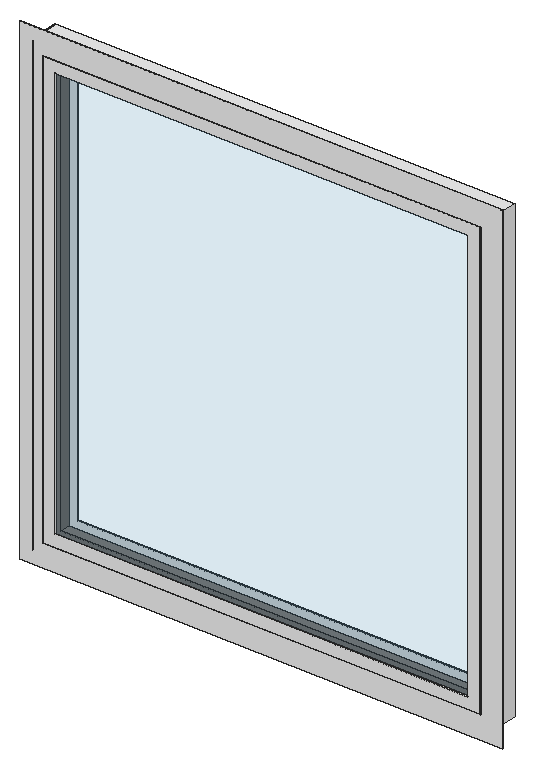
Revit family "Casement_30.5_I_Top_Hung_Standard", category Windows, host Wall, Revit 2014
Parameters (values of type "Casement_Sash_DG")
  Width Sash [instance] = 30 mm
  Width Sash Inner = 15 mm
  Width Bead = 15 mm
  Top Hung [instance] = yes
  Side Hung Right [instance] = yes
  Side Hung Left [instance] = yes
  Sash Opening Width [instance] = 600 mm
  Sash Opening Height [instance] = 600.312 mm
  Sash Lip = 15 mm
  Glazing Material [instance] = Glass
  DG Start Piece 2 [instance] = DG End Piece 1 + DG Gasket Thickness  # 25 mm
  DG Start Peice 1 [instance] = (Depth Sash - (2 * DG Glazing Thickness) - DG Gasket Thickness) / 2  # 6.6 mm
  Glazing Offset = 5 mm
  DG Glazing Thickness [instance] = 6.4 mm
  DG Gasket Thickness = 12 mm  # constant formula
  DG Gasket Material [instance] = Double Glazing Gasket Material
  DG End Piece 2 [instance] = DG Start Piece 2 + DG Glazing Thickness  # 31.4 mm
  DG End Piece 1 [instance] = DG Start Peice 1 + DG Glazing Thickness  # 13 mm
  Depth Sash [instance] = 38 mm
  Center Vertical Sash [instance] = Sash Opening Height / 2  # 300.156 mm
  Center Horizontal Sash [instance] = Sash Opening Width / 2  # 300 mm
  Bottom Hung [instance] = yes
  Bead Offset = 15 mm
  Aluminium Thickness = 1 mm
  Aluminium Material [instance] = White Powder Coated Aluminium
Reference planes
  plane 1 "Center (Front/Back)": y = 0
  plane 2: z = 0
  plane 3 "Center (Left/Right)": x = 0
Forms (mm)
  Sweep 1, solid, material "White Powder Coated Aluminium" <- "Aluminium Material"
    path origin (16.177, 0, 121.331) x (1, 0, 0) y (0, 0, 1)
      loop
        line (0, 0) -> (600, 0) -> (600, 600.312) -> (0, 600.312) -> (0, 0)
    profile origin (316.177, 0, 121.331) x (0, 0, 1) y (0, -1, 0)
      loop
        line (0, 0) -> (30, 0) -> (30, 1) -> (15, 1) -> (15, 38) -> (-15, 38) -> (-15, 37) -> (0, 37) -> (0, 0)
      loop
        line (14, 1) -> (14, 37) -> (1, 37) -> (1, 1) -> (14, 1)
  Sweep 2, solid, material "White Powder Coated Aluminium" <- "Aluminium Material"
    path origin (0, 0, 0) x (1, 0, 0) y (0, 0, 1)
      loop
        line (31.177, 706.643) -> (31.177, 136.331) -> (601.177, 136.331) -> (601.177, 706.643) -> (31.177, 706.643)
    profile origin (316.177, 0, 706.643) x (0, 0, 1) y (0, -1, 0)
      loop
        line (0, 37) -> (0, 38) -> (-15, 38) -> (-15, 37) -> (0, 37)
  Extrusion 3, solid, material "Glass" <- "Glazing Material"
    sketch origin (0, 0, 0) x (1, 0, 0) y (0, 0, 1)
      loop
        line (36.177, 701.643) -> (36.177, 141.331) -> (596.177, 141.331) -> (596.177, 701.643) -> (36.177, 701.643)
    from 6.6 <- "DG Start Peice 1" to 13 <- "DG End Piece 1"
  Extrusion 4, solid, material "Glass" <- "Glazing Material"
    sketch origin (0, 0, 0) x (1, 0, 0) y (0, 0, 1)
      loop
        line (36.177, 701.643) -> (36.177, 141.331) -> (596.177, 141.331) -> (596.177, 701.643) -> (36.177, 701.643)
    from 31.4 <- "DG End Piece 2" to 25 <- "DG Start Piece 2"
  Sweep 5, solid, material "Double Glazing Gasket Material" <- "DG Gasket Material"
    path origin (0, -13, 0) x (1, 0, 0) y (0, 0, 1)
      loop
        line (36.177, 701.643) -> (36.177, 141.331) -> (596.177, 141.331) -> (596.177, 701.643) -> (36.177, 701.643)
    profile origin (316.177, -13, 701.643) x (0, 0, 1) y (0, -1, 0)
      loop
        line (0, 0) -> (0, 12) -> (-7.96, 12) -> (-7.96, 0) -> (0, 0)
Lines and regions (mm)
  model lines
    curve 1: line (1.177, -38, 736.643) -> (31.177, -38, 706.643)
    curve 2: line (601.177, -38, 706.643) -> (631.177, -38, 736.643)
    curve 3: line (601.177, -38, 136.331) -> (631.177, -38, 106.331)
    curve 4: line (1.177, -38, 106.331) -> (31.177, -38, 136.331)
    curve 5: line (631.177, -37, 736.643) -> (616.177, -37, 721.643)
    curve 6: line (1.177, -37, 736.643) -> (16.177, -37, 721.643)
    curve 7: line (1.177, -37, 106.331) -> (16.177, -37, 121.331)
    curve 8: line (631.177, -37, 106.331) -> (616.177, -37, 121.331)
    curve 9: line (616.177, 0, 121.331) -> (586.177, 0, 151.331)
    curve 10: line (46.177, 0, 151.331) -> (16.177, 0, 121.331)
    curve 11: line (616.177, 0, 721.643) -> (586.177, 0, 691.643)
    curve 12: line (46.177, 0, 691.643) -> (16.177, 0, 721.643)
    curve 13: line (31.177, -38, 691.643) -> (46.177, -38, 691.643)
    curve 14: line (586.177, -38, 691.643) -> (601.177, -38, 691.643)
    curve 15: line (586.177, -38, 151.331) -> (601.177, -38, 151.331)
    curve 16: line (31.177, -38, 151.331) -> (46.177, -38, 151.331)
  model lines, style "GenericModelHiddenLines", visible <- "Top Hung"
    curve 17: line (46.386, -31.4, 690.914) -> (316.177, -31.4, 151.331)
    curve 18: line (316.177, -31.4, 151.331) -> (586.177, -31.4, 691.331)
  model lines, style "GenericModelHiddenLines", visible <- "Bottom Hung"
    curve 19: line (46.177, -31.4, 151.331) -> (316.177, -31.4, 691.331)
    curve 20: line (316.177, -31.4, 691.331) -> (586.177, -31.4, 151.331)
  model lines, style "GenericModelHiddenLines", visible <- "Side Hung Left"
    curve 21: line (46.386, -31.4, 690.914) -> (585.24, -31.4, 421.487)
    curve 22: line (585.24, -31.4, 421.487) -> (46.177, -31.4, 151.331)
  model lines, style "GenericModelHiddenLines", visible <- "Side Hung Right"
    curve 23: line (586.177, -31.4, 691.331) -> (46.177, -31.4, 421.487)
    curve 24: line (46.177, -31.4, 421.487) -> (586.177, -31.4, 151.331)
Dimensions and locks
  "Aluminium Thickness": Sweep 1 sketch curve to Sweep 1 sketch curve  (x4)
  "Depth Sash": Sweep 1 sketch curve to Sweep 1 sketch curve
  "Sash Opening Width": Sweep 1 to Sweep 1
  "Sash Opening Height": Sweep 1 to Sweep 1
  "Width Sash": Sweep 1 sketch curve to Sweep 1 sketch curve  (x2)
  "Width Sash Inner": Sweep 1 sketch curve to Sweep 1 sketch curve
  "Sash Lip": Sweep 1 sketch curve to Sweep 1 sketch curve
  "Aluminium Thickness": Sweep 1 to Sweep 2 sketch curve
  "Glazing Offset": Sweep 2 to Extrusion 3 sketch curve  (x3)
  "Glazing Offset": Extrusion 3 sketch curve to Sweep 2
  Sweep 1 to Sweep 1 = 1 mm
  "Aluminium Thickness": Sweep 2 sketch curve to Sweep 2 sketch curve
  "Width Bead": Sweep 2 sketch curve to Sweep 2 sketch curve
  locked: Sweep 5 sketch curve to Sweep 5 sketch curve at 7.96
  "Center Horizontal Sash": Sweep 1 to curve 18
  "Center Horizontal Sash": Sweep 1 to curve 20
  "Center Vertical Sash": Sweep 1 to curve 22
  "Center Vertical Sash": Sweep 1 to curve 24
  aligned and locked: level to plane 2
  aligned and locked: Sweep 1 sketch curve to Sweep 1 sketch curve  (x2)
  aligned and locked: Sweep 2 sketch curve to Sweep 1  (x5)
  aligned and locked: Extrusion 4 sketch curve to Extrusion 3  (x4)
  aligned and locked: Sweep 5 sketch curve to Extrusion 3  (x5)
  aligned and locked: Extrusion 3 to Sweep 5 sketch curve
Automatic sketch dimensions
  plane 3 "Center (Left/Right)" to Sweep 1 sketch curve = 16.177 mm
  level to Sweep 1 sketch curve = 121.331 mm
  plane 3 "Center (Left/Right)" to Sweep 1 sketch curve = 616.177 mm
  level to Sweep 1 sketch curve = 721.643 mm
  profile plane to Sweep 5 sketch curve = 12 mm
  curve 7 to Sweep 1 = 0 mm  (x4)
  curve 6 to Sweep 1 = 0 mm  (x3)
  Sweep 1 to curve 6 = 0 mm
  curve 5 to Sweep 1 = 0 mm  (x3)
  curve 8 to Sweep 1 = 0 mm  (x4)
  Sweep 1 to curve 5 = 0 mm
  curve 16 to Sweep 2 = 0 mm  (x3)
  curve 13 to Sweep 2 = 0 mm  (x3)
  curve 15 to Sweep 2 = 0 mm
  Sweep 2 to curve 15 = 0 mm  (x2)
  curve 14 to Sweep 2 = 0 mm  (x2)
  Sweep 2 to curve 14 = 0 mm
  curve 1 to Sweep 1 = 0 mm  (x4)
  curve 4 to Sweep 1 = 0 mm  (x3)
  Sweep 1 to curve 4 = 0 mm
  curve 3 to Sweep 1 = 0 mm  (x3)
  curve 2 to Sweep 1 = 0 mm  (x4)
  Sweep 1 to curve 3 = 0 mm
  curve 10 to Sweep 1 = 0 mm  (x4)
  curve 12 to Sweep 1 = 0 mm  (x3)
  Sweep 1 to curve 12 = 0 mm
  curve 9 to Sweep 1 = 0 mm  (x4)
  curve 11 to Sweep 1 = 0 mm  (x3)
  Sweep 1 to curve 11 = 0 mm
  Sweep 1 sketch curve to plane 1 "Center (Front/Back)" = 0 mm
  profile plane to Sweep 1 sketch curve = 0 mm
  curve 21 to Extrusion 4 = 10.208 mm
  curve 19 to Extrusion 4 = 10 mm
  curve 23 to Extrusion 4 = 10 mm  (x2)
  curve 22 to Extrusion 4 = 10.937 mm
  curve 20 to Extrusion 4 = 10 mm
  curve 24 to Extrusion 4 = 10 mm
  curve 22 to Extrusion 4 = 10 mm
  curve 18 to Extrusion 4 = 10 mm
  curve 21 to Extrusion 4 = 10.729 mm
  curve 19 to Extrusion 4 = 10.312 mm
  curve 18 to Extrusion 4 = 10.312 mm
Types in the file's own list only (20): name | Windload Design | Width Sash Opening | Width Sash 2 | Width Sash 1 | Width Profile | Width Panel 4 | Width Panel 3 | Width Panel 2 | Width Panel 1 | Width | URL | Max System DG Unit Thickness | Max System DG One Piece Thickness | Max Pane Area | Limit Sash Bottom Height Max Calc | Limit Sash Bottom Height Max Based On Top Sash | Intruderprufe U Value | Intruderprufe SHGC Value | Intruderprufe LowE U Value | Intruderprufe LowE SHGC Value | Height | Energy Advantage U Value | Energy Advantage SHGC Value | DG Thickness Calc | DG Thickness | Custom Window Width | Custom Window Height | Custom Windload | Custom Sash Width | Custom Sash Bottom Height | Custom Sash Top Height | Sash Spacing Inner | Sash Overlap | Sash Center Offset | SG Gasket Thickness | Offset Window Exterior | Offset Sash Left | Offset Sash 2 Top | Offset Sash 1 Top | Offset Panel 4 Left | Offset Panel 3 Bead Top | Offset Mullion Left | Offset Transom 2 Top | Offset Transom 1 Top | Offset Bead SG Center Reversed | Model | Manufacturer | Limit Window Width Min | Limit Window Width Max | Limit Window Height Min | Limit Window Height Max | Limit Sash Width Min | Limit Sash Width Max | Limit Sash Bottom Height Min | Limit Sash Bottom Height Max | Limit Sash Top Height Min | Limit Sash Top Height Max | Limit Fixed Pane Width Min | Limit Fixed Pane Width Max | Limit Fixed Pane Height Min | Limit Fixed Pane Height Max | Length Transom | Length Mullion | Height Sash Bottom Opening | Height Sash Bottom | Height Sash Top Opening | Height Sash Top | Height Panel 4 | Height Panel 3 | Height Panel 2 | Height Panel 1 | Double Glazing | Description | Depth Mullion | Frame Center Offset | Depth Bead | Default Sill Height | Wall Closure | DG Gasket Finish | DG Extrusion Start | Mullion Depth Windload Based | Window Exterior Offset | Clearvue U Value | Clearvue SHGC Value | Casement Dimension | Bottom Hung | Bead SG Gap | Area Pane Right | Area Pane Left Top | Area Pane Left Middle | Area Pane Left Bottom
  305-1215DT-1000Pa | 1000 mm | 554 mm | 524 mm | 524 mm | 30 mm | 560 mm | 540 mm | 540 mm | 540 mm | 1190 mm | "http://www.crealco.co.za/crealco-products.php" | 18 mm | 3 mm | 0.78 m² | 644 mm | 644 mm | 8.66 | 0.831 | 6.64 | 0.738 | 1490 mm | 6.8 | 0.782 | 3 mm | 3 mm | 1190 mm | 1490 mm | 1000 mm | 554 mm | 554 mm | 554 mm | 8 mm | 7 mm | 12 mm | 6 mm | 15 mm | 23 mm | 593 mm | 23 mm | 600 mm | 1170 mm | 570 mm | 1140 mm | 570 mm | 15 mm | "Casement 30.5" | "Crealco" | 830 mm | 2130 mm | 1400 mm | 1860 mm | 300 mm | 1000 mm | 300 mm | 644 mm | 300 mm | 750 mm | 200 mm | 1500 mm | 200 mm | 1800 mm | 540 mm | 1490 mm | 554 mm | 524 mm | 554 mm | 524 mm | 1430 mm | 290 mm | 540 mm | 540 mm | No | "Window 30.5mm, Type I top hung" | 54 mm | 15 mm | 17 mm | 800 mm | By host | Double Glazing Gasket Material | 5 mm | 54 mm | 0 mm | 8.87 | 0.873 | 31 mm | No | 13 mm | 0.78 m² | 0.23 m² | 0.23 m² | 0.15 m²
  305-1215DT-2000Pa | 2000 mm | 554 mm | 524 mm | 524 mm | 30 mm | 560 mm | 540 mm | 540 mm | 540 mm | 1190 mm | "http://www.crealco.co.za/crealco-products.php" | 18 mm | 3 mm | 0.78 m² | 644 mm | 644 mm | 8.73 | 0.833 | 6.72 | 0.74 | 1490 mm | 6.88 | 0.784 | 3 mm | 3 mm | 1190 mm | 1490 mm | 2000 mm | 554 mm | 554 mm | 554 mm | 8 mm | 7 mm | 12 mm | 6 mm | 15 mm | 23 mm | 593 mm | 23 mm | 600 mm | 1170 mm | 570 mm | 1140 mm | 570 mm | 15 mm | "Casement 30.5" | "Crealco" | 830 mm | 2130 mm | 1400 mm | 1860 mm | 300 mm | 1000 mm | 300 mm | 644 mm | 300 mm | 750 mm | 200 mm | 1500 mm | 200 mm | 1800 mm | 540 mm | 1490 mm | 554 mm | 524 mm | 554 mm | 524 mm | 1430 mm | 290 mm | 540 mm | 540 mm | No | "Window 30.5mm, Type I top hung" | 70 mm | 15 mm | 17 mm | 800 mm | By host | Double Glazing Gasket Material | 5 mm | 70 mm | 0 mm | 8.89 | 0.875 | 31 mm | No | 13 mm | 0.78 m² | 0.23 m² | 0.23 m² | 0.15 m²
  305-1515DT-1000Pa | 1000 mm | 554 mm | 524 mm | 524 mm | 30 mm | 860 mm | 540 mm | 540 mm | 540 mm | 1490 mm | "http://www.crealco.co.za/crealco-products.php" | 18 mm | 3 mm | 1.21 m² | 644 mm | 644 mm | 9.41 | 0.965 | 7.02 | 0.855 | 1490 mm | 7.18 | 0.909 | 4 mm | 3 mm | 1490 mm | 1490 mm | 1000 mm | 554 mm | 554 mm | 554 mm | 8 mm | 7 mm | 12 mm | 6 mm | 15 mm | 23 mm | 593 mm | 23 mm | 600 mm | 1170 mm | 570 mm | 1140 mm | 570 mm | 15 mm | "Casement 30.5" | "Crealco" | 830 mm | 2130 mm | 1400 mm | 1860 mm | 300 mm | 1000 mm | 300 mm | 644 mm | 300 mm | 750 mm | 200 mm | 1500 mm | 200 mm | 1800 mm | 540 mm | 1490 mm | 554 mm | 524 mm | 554 mm | 524 mm | 1430 mm | 290 mm | 540 mm | 540 mm | No | "Window 30.5mm, Type I top hung" | 54 mm | 15 mm | 17 mm | 800 mm | By host | Double Glazing Gasket Material | 5 mm | 54 mm | 0 mm | 9.63 | 10.15 | 31 mm | No | 13 mm | 1.21 m² | 0.23 m² | 0.23 m² | 0.15 m²
  305-1515DT-2000Pa | 2000 mm | 554 mm | 524 mm | 524 mm | 30 mm | 860 mm | 540 mm | 540 mm | 540 mm | 1490 mm | "http://www.crealco.co.za/crealco-products.php" | 18 mm | 3 mm | 1.21 m² | 644 mm | 644 mm | 9.47 | 0.967 | 7.09 | 0.856 | 1490 mm | 7.25 | 0.91 | 4 mm | 3 mm | 1490 mm | 1490 mm | 2000 mm | 554 mm | 554 mm | 554 mm | 8 mm | 7 mm | 12 mm | 6 mm | 15 mm | 23 mm | 593 mm | 23 mm | 600 mm | 1170 mm | 570 mm | 1140 mm | 570 mm | 15 mm | "Casement 30.5" | "Crealco" | 830 mm | 2130 mm | 1400 mm | 1860 mm | 300 mm | 1000 mm | 300 mm | 644 mm | 300 mm | 750 mm | 200 mm | 1500 mm | 200 mm | 1800 mm | 540 mm | 1490 mm | 554 mm | 524 mm | 554 mm | 524 mm | 1430 mm | 290 mm | 540 mm | 540 mm | No | "Window 30.5mm, Type I top hung" | 70 mm | 15 mm | 17 mm | 800 mm | By host | Double Glazing Gasket Material | 5 mm | 70 mm | 0 mm | 9.68 | 1.016 | 31 mm | No | 13 mm | 1.21 m² | 0.23 m² | 0.23 m² | 0.15 m²
  305-1815DT-1000Pa | 1000 mm | 854 mm | 824 mm | 824 mm | 30 mm | 860 mm | 840 mm | 840 mm | 840 mm | 1790 mm | "http://www.crealco.co.za/crealco-products.php" | 18 mm | 3 mm | 1.21 m² | 644 mm | 644 mm | 8.57 | 0.887 | 6.37 | 0.785 | 1490 mm | 6.52 | 0.835 | 4 mm | 3 mm | 1790 mm | 1490 mm | 1000 mm | 854 mm | 554 mm | 554 mm | 8 mm | 7 mm | 12 mm | 6 mm | 15 mm | 23 mm | 593 mm | 23 mm | 900 mm | 1170 mm | 870 mm | 1140 mm | 570 mm | 15 mm | "Casement 30.5" | "Crealco" | 1130 mm | 2430 mm | 1400 mm | 1860 mm | 300 mm | 1000 mm | 300 mm | 644 mm | 300 mm | 750 mm | 200 mm | 1500 mm | 200 mm | 1800 mm | 840 mm | 1490 mm | 554 mm | 524 mm | 554 mm | 524 mm | 1430 mm | 290 mm | 540 mm | 540 mm | No | "Window 30.5mm, Type I top hung" | 54 mm | 15 mm | 17 mm | 800 mm | By host | Double Glazing Gasket Material | 5 mm | 54 mm | 0 mm | 8.77 | 0.993 | 31 mm | No | 13 mm | 1.21 m² | 0.38 m² | 0.38 m² | 0.23 m²
  305-1815DT-1500Pa | 1500 mm | 854 mm | 824 mm | 824 mm | 30 mm | 860 mm | 840 mm | 840 mm | 840 mm | 1790 mm | "http://www.crealco.co.za/crealco-products.php" | 18 mm | 3 mm | 1.21 m² | 644 mm | 644 mm | 8.16 | 0.888 | 6.43 | 0.786 | 1490 mm | 6.57 | 0.836 | 4 mm | 3 mm | 1790 mm | 1490 mm | 1500 mm | 854 mm | 554 mm | 554 mm | 8 mm | 7 mm | 12 mm | 6 mm | 15 mm | 23 mm | 593 mm | 23 mm | 900 mm | 1170 mm | 870 mm | 1140 mm | 570 mm | 15 mm | "Casement 30.5" | "Crealco" | 1130 mm | 2430 mm | 1400 mm | 1860 mm | 300 mm | 1000 mm | 300 mm | 644 mm | 300 mm | 750 mm | 200 mm | 1500 mm | 200 mm | 1800 mm | 840 mm | 1490 mm | 554 mm | 524 mm | 554 mm | 524 mm | 1430 mm | 290 mm | 540 mm | 540 mm | No | "Window 30.5mm, Type I top hung" | 70 mm | 15 mm | 17 mm | 800 mm | By host | Double Glazing Gasket Material | 5 mm | 70 mm | 0 mm | 8.81 | 0.934 | 31 mm | No | 13 mm | 1.21 m² | 0.38 m² | 0.38 m² | 0.23 m²
  305-2415DT-1000Pa | 1000 mm | 854 mm | 824 mm | 824 mm | 30 mm | 1460 mm | 840 mm | 840 mm | 840 mm | 2390 mm | "http://www.crealco.co.za/crealco-products.php" | 18 mm | 3 mm | 2.06 m² | 644 mm | 644 mm | 9.54 | 1.05 | 6.9 | 0.927 | 1490 mm | 7.9 | 0 | 4 mm | 3 mm | 2390 mm | 1490 mm | 1000 mm | 854 mm | 554 mm | 554 mm | 8 mm | 7 mm | 12 mm | 6 mm | 15 mm | 23 mm | 593 mm | 23 mm | 900 mm | 1170 mm | 870 mm | 1140 mm | 570 mm | 15 mm | "Casement 30.5" | "Crealco" | 1130 mm | 2430 mm | 1400 mm | 1860 mm | 300 mm | 1000 mm | 300 mm | 644 mm | 300 mm | 750 mm | 200 mm | 1500 mm | 200 mm | 1800 mm | 840 mm | 1490 mm | 554 mm | 524 mm | 554 mm | 524 mm | 1430 mm | 290 mm | 540 mm | 540 mm | No | "Window 30.5mm, Type I top hung" | 54 mm | 15 mm | 17 mm | 800 mm | By host | Double Glazing Gasket Material | 5 mm | 54 mm | 0 mm | 7.9 | 0 | 31 mm | No | 13 mm | 2.06 m² | 0.38 m² | 0.38 m² | 0.23 m²
  305-2415DT-1500Pa | 1500 mm | 854 mm | 824 mm | 824 mm | 30 mm | 1460 mm | 840 mm | 840 mm | 840 mm | 2390 mm | "http://www.crealco.co.za/crealco-products.php" | 18 mm | 3 mm | 2.06 m² | 644 mm | 644 mm | 9.57 | 1.051 | 6.94 | 0.928 | 1490 mm | 7.9 | 0 | 4 mm | 3 mm | 2390 mm | 1490 mm | 1500 mm | 854 mm | 554 mm | 554 mm | 8 mm | 7 mm | 12 mm | 6 mm | 15 mm | 23 mm | 593 mm | 23 mm | 900 mm | 1170 mm | 870 mm | 1140 mm | 570 mm | 15 mm | "Casement 30.5" | "Crealco" | 1130 mm | 2430 mm | 1400 mm | 1860 mm | 300 mm | 1000 mm | 300 mm | 644 mm | 300 mm | 750 mm | 200 mm | 1500 mm | 200 mm | 1800 mm | 840 mm | 1490 mm | 554 mm | 524 mm | 554 mm | 524 mm | 1430 mm | 290 mm | 540 mm | 540 mm | No | "Window 30.5mm, Type I top hung" | 70 mm | 15 mm | 17 mm | 800 mm | By host | Double Glazing Gasket Material | 5 mm | 70 mm | 0 mm | 7.9 | 0 | 31 mm | No | 13 mm | 2.06 m² | 0.38 m² | 0.38 m² | 0.23 m²
  305-1218DT-1000Pa | 1000 mm | 554 mm | 524 mm | 524 mm | 30 mm | 560 mm | 540 mm | 540 mm | 540 mm | 1190 mm | "http://www.crealco.co.za/crealco-products.php" | 18 mm | 3 mm | 0.95 m² | 750 mm | 944 mm | 9.07 | 0.899 | 6.86 | 0.797 | 1790 mm | 7.02 | 0.846 | 3 mm | 3 mm | 1190 mm | 1790 mm | 1000 mm | 554 mm | 554 mm | 554 mm | 8 mm | 7 mm | 12 mm | 6 mm | 15 mm | 23 mm | 593 mm | 23 mm | 600 mm | 1170 mm | 570 mm | 1140 mm | 570 mm | 15 mm | "Casement 30.5" | "Crealco" | 830 mm | 2130 mm | 1400 mm | 1860 mm | 300 mm | 1000 mm | 300 mm | 750 mm | 300 mm | 750 mm | 200 mm | 1500 mm | 200 mm | 1800 mm | 540 mm | 1790 mm | 554 mm | 524 mm | 554 mm | 524 mm | 1730 mm | 590 mm | 540 mm | 540 mm | No | "Window 30.5mm, Type I top hung" | 54 mm | 15 mm | 17 mm | 800 mm | By host | Double Glazing Gasket Material | 5 mm | 54 mm | 0 mm | 9.28 | 0.944 | 31 mm | No | 13 mm | 0.95 m² | 0.23 m² | 0.23 m² | 0.31 m²
  305-1218DT-1500Pa | 1500 mm | 554 mm | 524 mm | 524 mm | 30 mm | 560 mm | 540 mm | 540 mm | 540 mm | 1190 mm | "http://www.crealco.co.za/crealco-products.php" | 18 mm | 3 mm | 0.95 m² | 750 mm | 944 mm | 9.13 | 0.901 | 6.95 | 0.799 | 1790 mm | 7.11 | 0.847 | 3 mm | 3 mm | 1190 mm | 1790 mm | 1500 mm | 554 mm | 554 mm | 554 mm | 8 mm | 7 mm | 12 mm | 6 mm | 15 mm | 23 mm | 593 mm | 23 mm | 600 mm | 1170 mm | 570 mm | 1140 mm | 570 mm | 15 mm | "Casement 30.5" | "Crealco" | 830 mm | 2130 mm | 1400 mm | 1860 mm | 300 mm | 1000 mm | 300 mm | 750 mm | 300 mm | 750 mm | 200 mm | 1500 mm | 200 mm | 1800 mm | 540 mm | 1790 mm | 554 mm | 524 mm | 554 mm | 524 mm | 1730 mm | 590 mm | 540 mm | 540 mm | No | "Window 30.5mm, Type I top hung" | 70 mm | 15 mm | 17 mm | 800 mm | By host | Double Glazing Gasket Material | 5 mm | 70 mm | 0 mm | 9.34 | 0.946 | 31 mm | No | 13 mm | 0.95 m² | 0.23 m² | 0.23 m² | 0.31 m²
  305-1518DT-1000Pa | 1000 mm | 554 mm | 524 mm | 524 mm | 30 mm | 860 mm | 540 mm | 540 mm | 540 mm | 1490 mm | "http://www.crealco.co.za/crealco-products.php" | 18 mm | 3 mm | 1.46 m² | 750 mm | 944 mm | 10.07 | 1.058 | 7.46 | 0.936 | 1790 mm | 7.9 | 0 | 4 mm | 3 mm | 1490 mm | 1790 mm | 1000 mm | 554 mm | 554 mm | 554 mm | 8 mm | 7 mm | 12 mm | 6 mm | 15 mm | 23 mm | 593 mm | 23 mm | 600 mm | 1170 mm | 570 mm | 1140 mm | 570 mm | 15 mm | "Casement 30.5" | "Crealco" | 830 mm | 2130 mm | 1400 mm | 1860 mm | 300 mm | 1000 mm | 300 mm | 750 mm | 300 mm | 750 mm | 200 mm | 1500 mm | 200 mm | 1800 mm | 540 mm | 1790 mm | 554 mm | 524 mm | 554 mm | 524 mm | 1730 mm | 590 mm | 540 mm | 540 mm | No | "Window 30.5mm, Type I top hung" | 70 mm | 15 mm | 17 mm | 800 mm | By host | Double Glazing Gasket Material | 5 mm | 70 mm | 0 mm | 7.9 | 0 | 31 mm | No | 13 mm | 1.46 m² | 0.23 m² | 0.23 m² | 0.31 m²
  305-1818DT-1000Pa | 1000 mm | 854 mm | 824 mm | 824 mm | 30 mm | 860 mm | 840 mm | 840 mm | 840 mm | 1790 mm | "http://www.crealco.co.za/crealco-products.php" | 18 mm | 3 mm | 1.46 m² | 750 mm | 944 mm | 9.01 | 0.959 | 6.63 | 0.848 | 1790 mm | 7.9 | 0 | 4 mm | 3 mm | 1790 mm | 1790 mm | 1000 mm | 854 mm | 554 mm | 554 mm | 8 mm | 7 mm | 12 mm | 6 mm | 15 mm | 23 mm | 593 mm | 23 mm | 900 mm | 1170 mm | 870 mm | 1140 mm | 570 mm | 15 mm | "Casement 30.5" | "Crealco" | 1130 mm | 2430 mm | 1400 mm | 1860 mm | 300 mm | 1000 mm | 300 mm | 750 mm | 300 mm | 750 mm | 200 mm | 1500 mm | 200 mm | 1800 mm | 840 mm | 1790 mm | 554 mm | 524 mm | 554 mm | 524 mm | 1730 mm | 590 mm | 540 mm | 540 mm | No | "Window 30.5mm, Type I top hung" | 70 mm | 15 mm | 17 mm | 800 mm | By host | Double Glazing Gasket Material | 5 mm | 70 mm | 0 mm | 7.9 | 0 | 31 mm | No | 13 mm | 1.46 m² | 0.38 m² | 0.38 m² | 0.48 m²
  305-2418DT-1000Pa | 1000 mm | 854 mm | 824 mm | 824 mm | 30 mm | 1460 mm | 840 mm | 840 mm | 840 mm | 2390 mm | "http://www.crealco.co.za/crealco-products.php" | 18 mm | 3 mm | 2.49 m² | 750 mm | 944 mm | 10.23 | 1.153 | 7.33 | 1.017 | 1790 mm | 7.9 | 0 | 5 mm | 3 mm | 2390 mm | 1790 mm | 1000 mm | 854 mm | 554 mm | 554 mm | 8 mm | 7 mm | 12 mm | 6 mm | 15 mm | 23 mm | 593 mm | 23 mm | 900 mm | 1170 mm | 870 mm | 1140 mm | 570 mm | 15 mm | "Casement 30.5" | "Crealco" | 1130 mm | 2430 mm | 1400 mm | 1860 mm | 300 mm | 1000 mm | 300 mm | 750 mm | 300 mm | 750 mm | 200 mm | 1500 mm | 200 mm | 1800 mm | 840 mm | 1790 mm | 554 mm | 524 mm | 554 mm | 524 mm | 1730 mm | 590 mm | 540 mm | 540 mm | No | "Window 30.5mm, Type I top hung" | 70 mm | 15 mm | 17 mm | 800 mm | By host | Double Glazing Gasket Material | 5 mm | 70 mm | 0 mm | 7.9 | 0 | 31 mm | No | 13 mm | 2.49 m² | 0.38 m² | 0.38 m² | 0.48 m²
  305-1215DT-1500Pa | 1500 mm | 554 mm | 524 mm | 524 mm | 30 mm | 560 mm | 540 mm | 540 mm | 540 mm | 1190 mm | "http://www.crealco.co.za/crealco-products.php" | 18 mm | 3 mm | 0.78 m² | 644 mm | 644 mm | 8.66 | 0.831 | 6.64 | 0.738 | 1490 mm | 6.8 | 0.782 | 3 mm | 3 mm | 1190 mm | 1490 mm | 1500 mm | 554 mm | 554 mm | 554 mm | 8 mm | 7 mm | 12 mm | 6 mm | 15 mm | 23 mm | 593 mm | 23 mm | 600 mm | 1170 mm | 570 mm | 1140 mm | 570 mm | 15 mm | "Casement 30.5" | "Crealco" | 830 mm | 2130 mm | 1400 mm | 1860 mm | 300 mm | 1000 mm | 300 mm | 644 mm | 300 mm | 750 mm | 200 mm | 1500 mm | 200 mm | 1800 mm | 540 mm | 1490 mm | 554 mm | 524 mm | 554 mm | 524 mm | 1430 mm | 290 mm | 540 mm | 540 mm | No | "Window 30.5mm, Type I top hung" | 54 mm | 15 mm | 17 mm | 800 mm | By host | Double Glazing Gasket Material | 5 mm | 54 mm | 0 mm | 8.87 | 0.873 | 31 mm | No | 13 mm | 0.78 m² | 0.23 m² | 0.23 m² | 0.15 m²
  305-1218DT-2000Pa | 2000 mm | 554 mm | 524 mm | 524 mm | 30 mm | 560 mm | 540 mm | 540 mm | 540 mm | 1190 mm | "http://www.crealco.co.za/crealco-products.php" | 18 mm | 3 mm | 0.95 m² | 750 mm | 944 mm | 9.13 | 0.901 | 6.95 | 0.799 | 1790 mm | 7.11 | 0.847 | 3 mm | 3 mm | 1190 mm | 1790 mm | 2000 mm | 554 mm | 554 mm | 554 mm | 8 mm | 7 mm | 12 mm | 6 mm | 15 mm | 23 mm | 593 mm | 23 mm | 600 mm | 1170 mm | 570 mm | 1140 mm | 570 mm | 15 mm | "Casement 30.5" | "Crealco" | 830 mm | 2130 mm | 1400 mm | 1860 mm | 300 mm | 1000 mm | 300 mm | 750 mm | 300 mm | 750 mm | 200 mm | 1500 mm | 200 mm | 1800 mm | 540 mm | 1790 mm | 554 mm | 524 mm | 554 mm | 524 mm | 1730 mm | 590 mm | 540 mm | 540 mm | No | "Window 30.5mm, Type I top hung" | 70 mm | 15 mm | 17 mm | 800 mm | By host | Double Glazing Gasket Material | 5 mm | 70 mm | 0 mm | 9.34 | 0.946 | 31 mm | No | 13 mm | 0.95 m² | 0.23 m² | 0.23 m² | 0.31 m²
  305-1515DT-1500Pa | 1500 mm | 554 mm | 524 mm | 524 mm | 30 mm | 860 mm | 540 mm | 540 mm | 540 mm | 1490 mm | "http://www.crealco.co.za/crealco-products.php" | 18 mm | 3 mm | 1.21 m² | 644 mm | 644 mm | 9.41 | 0.965 | 7.02 | 0.855 | 1490 mm | 7.18 | 0.909 | 4 mm | 3 mm | 1490 mm | 1490 mm | 1500 mm | 554 mm | 554 mm | 554 mm | 8 mm | 7 mm | 12 mm | 6 mm | 15 mm | 23 mm | 593 mm | 23 mm | 600 mm | 1170 mm | 570 mm | 1140 mm | 570 mm | 15 mm | "Casement 30.5" | "Crealco" | 830 mm | 2130 mm | 1400 mm | 1860 mm | 300 mm | 1000 mm | 300 mm | 644 mm | 300 mm | 750 mm | 200 mm | 1500 mm | 200 mm | 1800 mm | 540 mm | 1490 mm | 554 mm | 524 mm | 554 mm | 524 mm | 1430 mm | 290 mm | 540 mm | 540 mm | No | "Window 30.5mm, Type I top hung" | 54 mm | 15 mm | 17 mm | 800 mm | By host | Double Glazing Gasket Material | 5 mm | 54 mm | 0 mm | 9.63 | 10.15 | 31 mm | No | 13 mm | 1.21 m² | 0.23 m² | 0.23 m² | 0.15 m²
  305-1518DT-1500Pa | 1500 mm | 554 mm | 524 mm | 524 mm | 30 mm | 860 mm | 540 mm | 540 mm | 540 mm | 1490 mm | "http://www.crealco.co.za/crealco-products.php" | 18 mm | 3 mm | 1.46 m² | 750 mm | 944 mm | 10.07 | 1.058 | 7.46 | 0.936 | 1790 mm | 7.9 | 0 | 4 mm | 3 mm | 1490 mm | 1790 mm | 1500 mm | 554 mm | 554 mm | 554 mm | 8 mm | 7 mm | 12 mm | 6 mm | 15 mm | 23 mm | 593 mm | 23 mm | 600 mm | 1170 mm | 570 mm | 1140 mm | 570 mm | 15 mm | "Casement 30.5" | "Crealco" | 830 mm | 2130 mm | 1400 mm | 1860 mm | 300 mm | 1000 mm | 300 mm | 750 mm | 300 mm | 750 mm | 200 mm | 1500 mm | 200 mm | 1800 mm | 540 mm | 1790 mm | 554 mm | 524 mm | 554 mm | 524 mm | 1730 mm | 590 mm | 540 mm | 540 mm | No | "Window 30.5mm, Type I top hung" | 70 mm | 15 mm | 17 mm | 800 mm | By host | Double Glazing Gasket Material | 5 mm | 70 mm | 0 mm | 7.9 | 0 | 31 mm | No | 13 mm | 1.46 m² | 0.23 m² | 0.23 m² | 0.31 m²
  305-1815DT-2000Pa | 2000 mm | 854 mm | 824 mm | 824 mm | 30 mm | 860 mm | 840 mm | 840 mm | 840 mm | 1790 mm | "http://www.crealco.co.za/crealco-products.php" | 18 mm | 3 mm | 1.21 m² | 644 mm | 644 mm | 8.16 | 0.888 | 6.43 | 0.786 | 1490 mm | 6.57 | 0.836 | 4 mm | 3 mm | 1790 mm | 1490 mm | 2000 mm | 854 mm | 554 mm | 554 mm | 8 mm | 7 mm | 12 mm | 6 mm | 15 mm | 23 mm | 593 mm | 23 mm | 900 mm | 1170 mm | 870 mm | 1140 mm | 570 mm | 15 mm | "Casement 30.5" | "Crealco" | 1130 mm | 2430 mm | 1400 mm | 1860 mm | 300 mm | 1000 mm | 300 mm | 644 mm | 300 mm | 750 mm | 200 mm | 1500 mm | 200 mm | 1800 mm | 840 mm | 1490 mm | 554 mm | 524 mm | 554 mm | 524 mm | 1430 mm | 290 mm | 540 mm | 540 mm | No | "Window 30.5mm, Type I top hung" | 70 mm | 15 mm | 17 mm | 800 mm | By host | Double Glazing Gasket Material | 5 mm | 70 mm | 0 mm | 8.81 | 0.934 | 31 mm | No | 13 mm | 1.21 m² | 0.38 m² | 0.38 m² | 0.23 m²
  305-1818DT-1500Pa | 1500 mm | 854 mm | 824 mm | 824 mm | 30 mm | 860 mm | 840 mm | 840 mm | 840 mm | 1790 mm | "http://www.crealco.co.za/crealco-products.php" | 18 mm | 3 mm | 1.46 m² | 750 mm | 944 mm | 9.01 | 0.959 | 6.63 | 0.848 | 1790 mm | 7.9 | 0 | 4 mm | 3 mm | 1790 mm | 1790 mm | 1500 mm | 854 mm | 554 mm | 554 mm | 8 mm | 7 mm | 12 mm | 6 mm | 15 mm | 23 mm | 593 mm | 23 mm | 900 mm | 1170 mm | 870 mm | 1140 mm | 570 mm | 15 mm | "Casement 30.5" | "Crealco" | 1130 mm | 2430 mm | 1400 mm | 1860 mm | 300 mm | 1000 mm | 300 mm | 750 mm | 300 mm | 750 mm | 200 mm | 1500 mm | 200 mm | 1800 mm | 840 mm | 1790 mm | 554 mm | 524 mm | 554 mm | 524 mm | 1730 mm | 590 mm | 540 mm | 540 mm | No | "Window 30.5mm, Type I top hung" | 70 mm | 15 mm | 17 mm | 800 mm | By host | Double Glazing Gasket Material | 5 mm | 70 mm | 0 mm | 7.9 | 0 | 31 mm | No | 13 mm | 1.46 m² | 0.38 m² | 0.38 m² | 0.48 m²
  305-2415DT-2000Pa | 2000 mm | 854 mm | 824 mm | 824 mm | 30 mm | 1460 mm | 840 mm | 840 mm | 840 mm | 2390 mm | "http://www.crealco.co.za/crealco-products.php" | 18 mm | 3 mm | 2.06 m² | 644 mm | 644 mm | 9.57 | 1.051 | 6.94 | 0.928 | 1490 mm | 7.9 | 0 | 4 mm | 3 mm | 2390 mm | 1490 mm | 2000 mm | 854 mm | 554 mm | 554 mm | 8 mm | 7 mm | 12 mm | 6 mm | 15 mm | 23 mm | 593 mm | 23 mm | 900 mm | 1170 mm | 870 mm | 1140 mm | 570 mm | 15 mm | "Casement 30.5" | "Crealco" | 1130 mm | 2430 mm | 1400 mm | 1860 mm | 300 mm | 1000 mm | 300 mm | 644 mm | 300 mm | 750 mm | 200 mm | 1500 mm | 200 mm | 1800 mm | 840 mm | 1490 mm | 554 mm | 524 mm | 554 mm | 524 mm | 1430 mm | 290 mm | 540 mm | 540 mm | No | "Window 30.5mm, Type I top hung" | 70 mm | 15 mm | 17 mm | 800 mm | By host | Double Glazing Gasket Material | 5 mm | 70 mm | 0 mm | 7.9 | 0 | 31 mm | No | 13 mm | 2.06 m² | 0.38 m² | 0.38 m² | 0.23 m²
